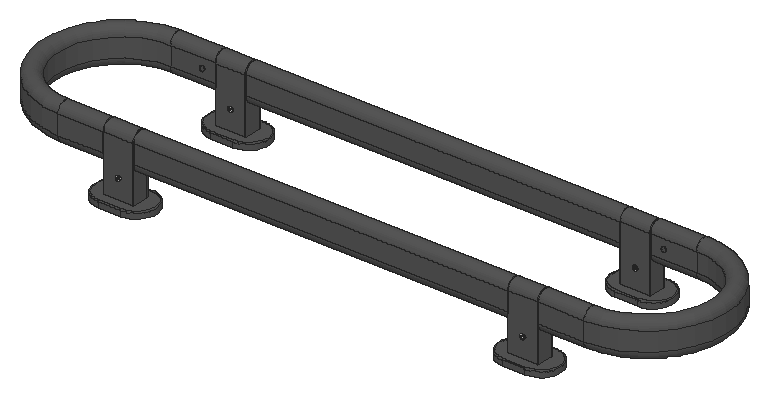
Revit family "Accessory-Grab_Bar-KOHLER-K-33463T", category Specialty Equipment, host Face, Revit 2021
Family settings
  Host = Face
  Round Connector Dimension = Use Diameter
  Part Type = Normal
  OmniClass Number = 23.31.15.17.21
  OmniClass Title = Bathtub Grab Bars
  Cut with Voids When Loaded = No
  Shared = No
  Room Calculation Point = No
Parameters (values of type "BL-Matte Black")
  Width = 20.75197"  # constant formula
  WaterSense Certified = 1 = 0  # no
  URL = "http://www.kohler.com.cn/"
  Type = 1
  Product Page URL = ""
  Product Name = ""
  Product Documentation Link = ""
  Model = if(Type = 1, "K-33463T-BL", if(Type = 2, "K-33463T-CP", "NA"))  # "K-33463T-BL"
  Material = "Premium Metal Construction"  # constant formula
  Master Format 2014 Name = "Toilet, Bath, and Laundry Accessories"  # constant formula
  Master Format 2014 = "10 28 00"  # constant formula
  Manufacturer Address = "Kohler Beijing Office (100016) 36-2-03-B, No. 88, Liuxiang Road, Beijing"  # constant formula
  Manufacturer = "Kohler Co."  # constant formula
  Length = 3.13386"  # constant formula
  Height = 8.00394"  # constant formula
  Finish = Kohler-Metal-BL-Matte_Black
  Environmental Product Declaration = ""
  Description = "Loop Connector For Grab Bar"  # constant formula
  Default Elevation = 42"
  Declare Label = ""
  Date Modified = "02/28/2024"  # constant formula
  Date Created = "02/28/2024"  # constant formula
  Copyright = "Copyright Kohler Co."  # constant formula
  Contact Us = "http://www.kohler.com.cn/contact/contact-us/"
  Assembly Code = "C1030200"
  ADA Compliant = 1 = 0  # no
Types (3): name | Type | Model | Finish
  (no name) | 1 | "K-33463T-BL" | Kohler-Metal-BL-Matte_Black
  BL-Matte Black | 1 | "K-33463T-BL" | Kohler-Metal-BL-Matte_Black
  CP-Polished Chrome | 2 | "K-33463T-CP" | Kohler-Metal-CP-Polished_Chrome
Reference planes (in)
  plane 1 "Center (Front/Back)": y = 0
  plane 2: z = 0
  plane 3 "Center (Left/Right)": x = 0
  plane 4: z = 3.13386
  plane 5: x = 15.19488
  plane 6: x = -15.19488
  plane 7: x = 9
  plane 8: x = -9
  plane 9: z = 1.5
  plane 10: x = 7.62402
  plane 11: x = 10.37598
  plane 12: x = -10.37598
  plane 13: x = -7.62402
  plane 14: y = -4.00197
  plane 15: y = -2.25
  plane 16: y = -2.73228
  plane 17: y = -3.51969
  plane 18: y = -3.12598
  plane 19: y = 2.25
  plane 20: y = 2.73228
  plane 21: y = 3.12598
  plane 22: y = 3.51969
  plane 23: y = 4.00197
Dimensions and locks (in)
  "Height": plane 23 to plane 14
  plane 20 to plane 16 = 5.46457"
  plane 22 to plane 17 = 7.03937"
  plane 22 to plane 20 = 0.7874"
  plane 23 to plane 19 = 1.75197"
  plane 6 to plane 5 = 30.38976"
  plane 4 to plane 9 = 1.63386"
  plane 12 to plane 13 = 2.75197"
  plane 8 to plane 7 = 18"
  plane 9 to level = 1 1/2"
  plane 4 to level = 3.13386"
  "Width": plane 12 to plane 11
  "Length": plane 4 to level
  aligned and locked: plane 2 to host face
  aligned and locked: level to host face
  aligned and locked: plane 1 "Center (Front/Back)" to nested 1
  aligned and locked: plane 3 "Center (Left/Right)" to nested 1
Automatic sketch dimensions
  host sketch curve to host sketch curve = 96"  (x2)
Nested families (in)
  nested 1: "K-33463T" at (0, 0, 0), type "K-33463T"
Definition of nested family "K-33463T"
  Parameters
    Material = none
    Default Elevation = 0"
  Reference planes (in)
    plane 1 "Center (Front/Back)": y = 0
    plane 2: z = 0
    plane 3 "Center (Left/Right)": x = 0
    plane 4: x = 9
    plane 5: x = -9
    plane 6: x = -15.19488
    plane 7: x = 15.19488
    plane 8: y = 2.73228
    plane 9: y = -2.73228
    plane 10: y = 3.51969
    plane 11: y = -3.51969
    plane 12: y = 3.12598
    plane 13: y = -3.12598
    plane 14: y = 4.00197
    plane 15: y = 2.25
    plane 16: y = -4.00197
    plane 17: y = -2.25
    plane 18: z = 3.13386
    plane 19: z = 1.5
    plane 20: x = -10.37598
    plane 21: x = -7.62402
    plane 22: x = 10.37598
    plane 23: x = 7.62402
  Forms (in)
    Sweep 1, solid, material <- "Material", detail levels medium+fine
      path origin (-0.36294, -0.09843, 0) x (1, 0, 0) y (0, 1, 0)
        loop
          arc (-11.3156, 3.64858) -> (-14.85891, 0.10527) -> (-11.3156, -3.43803) r 3.54331
          line (-11.3156, -3.43803) -> (12.08599, -3.43803)
          arc (12.08599, -3.43803) -> (15.6293, 0.10527) -> (12.08599, 3.64858) r 3.54331
          line (12.08599, 3.64858) -> (-11.3156, 3.64858)
      profile origin (0.02225, 3.55016, 0) x (0, 1, 0) y (0, 0, 1)
        loop
          arc (-0.02451, 2.73995) -> (-0.41822, 3.13365) -> (-0.81191, 2.73994) r 0.3937
          line (-0.81191, 2.73994) -> (-0.8119, 1.8954)
          arc (-0.8119, 1.8954) -> (-0.4182, 1.5017) -> (-0.0245, 1.89541) r 0.3937
          line (-0.0245, 1.89541) -> (-0.02451, 2.73995)
    Extrusion 2, void
      sketch origin (0, 0, 0) x (1, 0, 0) y (0, 0, 1)
        loop
          line (-9.67152, 3.32645) -> (-9.67152, 1.36691) -> (-8.32848, 1.36691) -> (-8.32848, 3.32645) -> (-9.67152, 3.32645)
        loop
          line (9.67152, 3.32645) -> (8.32848, 3.32645) -> (8.32848, 1.36691) -> (9.67152, 1.36691) -> (9.67152, 3.32645)
      from -4.10118 to 3.63666
    Sweep 3, solid, material <- "Material", detail levels medium+fine
      path origin (0, 0, 0) x (0, 1, 0) y (0, 0, 1)
        loop
          line (-2.72455, 0.21895) -> (-2.72455, 2.74045)
          arc (-2.72455, 2.74045) -> (-3.11825, 3.13415) -> (-3.51195, 2.74045) r 0.3937
          line (-3.51195, 2.74045) -> (-3.51195, 0.21895)
      profile origin (0, -2.72455, 1.4797) x (0, -1, 0) y (1, 0, 0)
        loop
          line (0, -8.34816) -> (0, -9.65184)
          arc (0, -9.65184) -> (0.00577, -9.66576) -> (0.01969, -9.67152) r 0.01969
          line (0.01969, -9.67152) -> (0.15478, -9.67152) -> (0.15478, -8.32848) -> (0.01969, -8.32848)
          arc (0.01969, -8.32848) -> (0.00577, -8.33424) -> (0, -8.34816) r 0.01969
    Sweep 4, solid, material <- "Material", detail levels medium+fine
      path origin (0, 0, 0) x (0, 1, 0) y (0, 0, -1)
        loop
          line (-2.72455, -0.21895) -> (-2.72455, -2.74045)
          arc (-2.72455, -2.74045) -> (-3.11825, -3.13415) -> (-3.51195, -2.74045) r 0.3937
          line (-3.51195, -2.74045) -> (-3.51195, -0.21895)
      profile origin (0, -2.72455, 1.4797) x (0, 1, 0) y (-1, 0, 0)
        loop
          arc (0, -8.34816) -> (-0.00577, -8.33424) -> (-0.01969, -8.32848) r 0.01969
          line (-0.01969, -8.32848) -> (-0.17939, -8.32848) -> (-0.17939, -9.67152) -> (-0.01969, -9.67152)
          arc (-0.01969, -9.67152) -> (-0.00577, -9.66576) -> (0, -9.65184) r 0.01969
          line (0, -9.65184) -> (0, -8.34816)
    Sweep 5, solid, material <- "Material", detail levels medium+fine
      path origin (0, 0, 0) x (1, 0, 0) y (0, 1, 0)
        loop
          arc (8.49508, 4.00197) -> (7.6191, 3.12598) -> (8.49508, 2.25) r 0.87598
          line (8.49508, 2.25) -> (9.49484, 2.25)
          arc (9.49484, 2.25) -> (10.37082, 3.12598) -> (9.49484, 4.00197) r 0.87598
          line (9.49484, 4.00197) -> (8.49508, 4.00197)
      profile origin (8.99496, 4.00197, 0) x (0, 1, 0) y (0, 0, 1)
        loop
          line (0, 0) -> (0, 0.23513)
          arc (0, 0.23513) -> (-0.01153, 0.26297) -> (-0.03937, 0.2745) r 0.03937
          line (-0.03937, 0.2745) -> (-0.07237, 0.2745) -> (-0.07237, 0) -> (0, 0)
    Sweep 6, solid, material <- "Material", detail levels medium+fine
      path origin (0, 0, 0) x (1, 0, 0) y (0, 1, 0)
        loop
          line (8.49508, -4.00197) -> (9.49484, -4.00197)
          arc (9.49484, -4.00197) -> (10.37082, -3.12598) -> (9.49484, -2.25) r 0.87598
          line (9.49484, -2.25) -> (8.49508, -2.25)
          arc (8.49508, -2.25) -> (7.6191, -3.12598) -> (8.49508, -4.00197) r 0.87598
      profile origin (8.99496, -4.00197, 0) x (0, 1, 0) y (0, 0, 1)
        loop
          line (0, 0) -> (0.07237, 0) -> (0.07237, 0.2745) -> (0.03937, 0.2745)
          arc (0.03937, 0.2745) -> (0.01153, 0.26297) -> (0, 0.23513) r 0.03937
          line (0, 0.23513) -> (0, 0)
    Sweep 7, solid, material <- "Material", detail levels medium+fine
      path origin (0, 0, 0) x (-1, 0, 0) y (0, -1, 0)
        loop
          line (8.49508, -4.00197) -> (9.49484, -4.00197)
          arc (9.49484, -4.00197) -> (10.37082, -3.12598) -> (9.49484, -2.25) r 0.87598
          line (9.49484, -2.25) -> (8.49508, -2.25)
          arc (8.49508, -2.25) -> (7.6191, -3.12598) -> (8.49508, -4.00197) r 0.87598
      profile origin (-8.99496, 4.00197, 0) x (0, -1, 0) y (0, 0, 1)
        loop
          line (0, 0) -> (0.07237, 0) -> (0.07237, 0.2745) -> (0.03937, 0.2745)
          arc (0.03937, 0.2745) -> (0.01153, 0.26297) -> (0, 0.23513) r 0.03937
          line (0, 0.23513) -> (0, 0)
    Sweep 8, solid, material <- "Material", detail levels medium+fine
      path origin (0, 0, 0) x (-1, 0, 0) y (0, -1, 0)
        loop
          arc (8.49508, 4.00197) -> (7.6191, 3.12598) -> (8.49508, 2.25) r 0.87598
          line (8.49508, 2.25) -> (9.49484, 2.25)
          arc (9.49484, 2.25) -> (10.37082, 3.12598) -> (9.49484, 4.00197) r 0.87598
          line (9.49484, 4.00197) -> (8.49508, 4.00197)
      profile origin (-8.99496, -4.00197, 0) x (0, -1, 0) y (0, 0, 1)
        loop
          line (0, 0) -> (0, 0.23513)
          arc (0, 0.23513) -> (-0.01153, 0.26297) -> (-0.03937, 0.2745) r 0.03937
          line (-0.03937, 0.2745) -> (-0.07237, 0.2745) -> (-0.07237, 0) -> (0, 0)
    Extrusion 9, solid, material <- "Material", detail levels medium+fine
      sketch origin (0, 0, 0) x (1, 0, 0) y (0, 1, 0)
        loop
          arc (-9.49484, -2.32237) -> (-10.29845, -3.12598) -> (-9.49484, -3.9296) r 0.80362
          line (-9.49484, -3.9296) -> (-8.49508, -3.9296)
          arc (-8.49508, -3.9296) -> (-7.69146, -3.12598) -> (-8.49508, -2.32237) r 0.80362
          line (-8.49508, -2.32237) -> (-9.49484, -2.32237)
        loop
          arc (-9.49484, 3.9296) -> (-10.29845, 3.12598) -> (-9.49484, 2.32237) r 0.80362
          line (-9.49484, 2.32237) -> (-8.49508, 2.32237)
          arc (-8.49508, 2.32237) -> (-7.69146, 3.12598) -> (-8.49508, 3.9296) r 0.80362
          line (-8.49508, 3.9296) -> (-9.49484, 3.9296)
        loop
          arc (8.49508, -2.32237) -> (7.69146, -3.12598) -> (8.49508, -3.9296) r 0.80362
          line (8.49508, -3.9296) -> (9.49484, -3.9296)
          arc (9.49484, -3.9296) -> (10.29845, -3.12598) -> (9.49484, -2.32237) r 0.80362
          line (9.49484, -2.32237) -> (8.49508, -2.32237)
        loop
          arc (8.49508, 3.9296) -> (7.69146, 3.12598) -> (8.49508, 2.32237) r 0.80362
          line (8.49508, 2.32237) -> (9.49484, 2.32237)
          arc (9.49484, 2.32237) -> (10.29845, 3.12598) -> (9.49484, 3.9296) r 0.80362
          line (9.49484, 3.9296) -> (8.49508, 3.9296)
      from 0 to 0.2745
    Extrusion 10, void
      sketch origin (0, 0, 0) x (1, 0, 0) y (0, 0, 1)
        loop
          circle (-10.27067, 2.31695) r 0.11403
      from -2.97655 to -2.48567
    Extrusion 11, void
      sketch origin (0, 0, 0) x (1, 0, 0) y (0, 0, 1)
        loop
          circle (-10.27067, 2.31695) r 0.11403
      from 2.38813 to 3.12968
    Extrusion 12, void
      sketch origin (0, 0, 0) x (-1, 0, 0) y (0, 0, -1)
        loop
          circle (-10.27067, -2.31695) r 0.11403
      from -2.97655 to -2.48567
    Extrusion 13, void
      sketch origin (0, 0, 0) x (-1, 0, 0) y (0, 0, -1)
        loop
          circle (-10.27067, -2.31695) r 0.11403
      from 2.44841 to 3.1263
    Extrusion 14, solid, material <- "Material", detail levels medium+fine
      sketch origin (0, 0, 0) x (1, 0, 0) y (0, 0, 1)
        loop
          circle (10.27067, 2.31695) r 0.1063
      from -2.97655 to -2.73825
    Extrusion 15, solid, material <- "Material", detail levels medium+fine
      sketch origin (0, 0, 0) x (1, 0, 0) y (0, 0, -1)
        loop
          circle (10.27067, -2.31695) r 0.1063
      from -3.1263 to -2.72455
    Extrusion 16, solid, material <- "Material", detail levels medium+fine
      sketch origin (0, 0, 0) x (-1, 0, 0) y (0, 0, -1)
        loop
          circle (10.27067, -2.31695) r 0.1063
      from -2.97655 to -2.73825
    Extrusion 17, solid, material <- "Material", detail levels medium+fine
      sketch origin (0, 0, 0) x (-1, 0, 0) y (0, 0, 1)
        loop
          circle (10.27067, 2.31695) r 0.1063
      from -3.12968 to -2.72455
    Extrusion 18, solid, detail levels medium+fine
      sketch origin (0, 0, 0) x (1, 0, 0) y (0, 0, 1)
        loop
          circle (-9, 1.13912) r 0.10596
        loop
          line (-9, 1.19949) -> (-9.05228, 1.16931) -> (-9.05228, 1.10894) -> (-9, 1.07876) -> (-8.94772, 1.10894) -> (-8.94772, 1.16931) -> (-9, 1.19949)
      from 3.35053 to 3.54164
    Extrusion 19, void
      sketch origin (0, 0, 0) x (1, 0, 0) y (0, 0, 1)
        loop
          circle (-9, 1.13912) r 0.10596
      from 3.35053 to 3.70089
    Extrusion 20, void
      sketch origin (0, 0, 0) x (1, 0, 0) y (0, 0, 1)
        loop
          circle (-9, 1.13912) r 0.10596
      from -3.03907 to -2.55986
    Extrusion 21, solid, detail levels medium+fine
      sketch origin (0, 0, 0) x (1, 0, 0) y (0, 0, 1)
        loop
          circle (-9, 1.13912) r 0.10596
        loop
          line (-9, 1.19949) -> (-9.05228, 1.16931) -> (-9.05228, 1.10894) -> (-9, 1.07876) -> (-8.94772, 1.10894) -> (-8.94772, 1.16931) -> (-9, 1.19949)
      from -2.7946 to -2.71
    Extrusion 22, solid, detail levels medium+fine
      sketch origin (0, 0, 0) x (-1, 0, 0) y (0, 0, -1)
        loop
          circle (-9, -1.13912) r 0.10596
        loop
          line (-9, -1.19949) -> (-8.94772, -1.16931) -> (-8.94772, -1.10894) -> (-9, -1.07876) -> (-9.05228, -1.10894) -> (-9.05228, -1.16931) -> (-9, -1.19949)
      from 3.35053 to 3.54164
    Extrusion 23, solid, detail levels medium+fine
      sketch origin (0, 0, 0) x (-1, 0, 0) y (0, 0, -1)
        loop
          circle (-9, -1.13912) r 0.10596
        loop
          line (-9, -1.19949) -> (-8.94772, -1.16931) -> (-8.94772, -1.10894) -> (-9, -1.07876) -> (-9.05228, -1.10894) -> (-9.05228, -1.16931) -> (-9, -1.19949)
      from -2.7946 to -2.71
    Extrusion 24, void
      sketch origin (0, 0, 0) x (-1, 0, 0) y (0, 0, -1)
        loop
          circle (-9, -1.13912) r 0.10596
      from 3.35053 to 3.70089
    Extrusion 25, void
      sketch origin (0, 0, 0) x (-1, 0, 0) y (0, 0, -1)
        loop
          circle (-9, -1.13912) r 0.10596
      from -2.7946 to -2.55986
    Extrusion 26, solid, material <- "Material", detail levels medium+fine
      sketch origin (0, 0, 0) x (0, 1, 0) y (0, 0, 1)
        loop
          line (-2.87933, 0.21895) -> (-2.87933, 2.74045)
          arc (-2.87933, 2.74045) -> (-3.11825, 2.97937) -> (-3.35717, 2.74045) r 0.23892
          line (-3.35717, 2.74045) -> (-3.35717, 0.21895) -> (-2.87933, 0.21895)
      from -9.67152 to -8.32848
    Extrusion 27, solid, material <- "Material", detail levels medium+fine
      sketch origin (0, 0, 0) x (0, 1, 0) y (0, 0, 1)
        loop
          line (-2.90393, 0.21895) -> (-2.90393, 2.74045)
          arc (-2.90393, 2.74045) -> (-3.11825, 2.95476) -> (-3.33256, 2.74045) r 0.21431
          line (-3.33256, 2.74045) -> (-3.33256, 0.21895) -> (-2.90393, 0.21895)
      from 8.32848 to 9.67152
    Sweep 28, solid, material <- "Material", detail levels medium+fine
      path origin (0, 0, 0) x (0, -1, 0) y (0, 0, -1)
        loop
          line (-2.72455, -0.21895) -> (-2.72455, -2.74045)
          arc (-2.72455, -2.74045) -> (-3.11825, -3.13415) -> (-3.51195, -2.74045) r 0.3937
          line (-3.51195, -2.74045) -> (-3.51195, -0.21895)
      profile origin (0, 2.72455, 1.4797) x (0, -1, 0) y (1, 0, 0)
        loop
          arc (0, -8.34816) -> (-0.00577, -8.33424) -> (-0.01969, -8.32848) r 0.01969
          line (-0.01969, -8.32848) -> (-0.15478, -8.32848) -> (-0.15478, -9.67152) -> (-0.01969, -9.67152)
          arc (-0.01969, -9.67152) -> (-0.00577, -9.66576) -> (0, -9.65184) r 0.01969
          line (0, -9.65184) -> (0, -8.34816)
    Sweep 29, solid, material <- "Material", detail levels medium+fine
      path origin (0, 0, 0) x (0, -1, 0) y (0, 0, 1)
        loop
          line (-2.72455, 0.21895) -> (-2.72455, 2.74045)
          arc (-2.72455, 2.74045) -> (-3.11825, 3.13415) -> (-3.51195, 2.74045) r 0.3937
          line (-3.51195, 2.74045) -> (-3.51195, 0.21895)
      profile origin (0, 2.72455, 1.4797) x (0, 1, 0) y (-1, 0, 0)
        loop
          line (0, -8.34816) -> (0, -9.65184)
          arc (0, -9.65184) -> (0.00577, -9.66576) -> (0.01969, -9.67152) r 0.01969
          line (0.01969, -9.67152) -> (0.17939, -9.67152) -> (0.17939, -8.32848) -> (0.01969, -8.32848)
          arc (0.01969, -8.32848) -> (0.00577, -8.33424) -> (0, -8.34816) r 0.01969
    Extrusion 30, solid, material <- "Material", detail levels medium+fine
      sketch origin (0, 0, 0) x (0, 1, 0) y (0, 0, 1)
        loop
          arc (3.33256, 2.74045) -> (3.11825, 2.95476) -> (2.90393, 2.74045) r 0.21431
          line (2.90393, 2.74045) -> (2.90393, 0.21895) -> (3.33256, 0.21895) -> (3.33256, 2.74045)
      from 8.32848 to 9.67152
    Extrusion 31, solid, material <- "Material", detail levels medium+fine
      sketch origin (0, 0, 0) x (0, 1, 0) y (0, 0, 1)
        loop
          line (2.87933, 2.74045) -> (2.87933, 0.21895) -> (3.35717, 0.21895) -> (3.35717, 2.74045)
          arc (3.35717, 2.74045) -> (3.11825, 2.97937) -> (2.87933, 2.74045) r 0.23892
      from -9.67152 to -8.32848
    Sweep 32, solid, material <- "Material", detail levels coarse
      path origin (0, 0, 0) x (1, 0, 0) y (0, 1, 0)
        loop
          arc (-11.68624, 3.54977) -> (-15.22954, 0.00646) -> (-11.68624, -3.53685) r 3.54331
          line (-11.68624, -3.53685) -> (11.7059, -3.53685)
          arc (11.7059, -3.53685) -> (15.24921, 0.00646) -> (11.7059, 3.54977) r 3.54331
          line (11.7059, 3.54977) -> (-11.68624, 3.54977)
      profile origin (0.00983, 3.54977, 0) x (0, 1, 0) y (0, 0, 1)
        loop
          line (-0.02823, 1.53795) -> (-0.02825, 3.09307) -> (-0.77626, 3.09307) -> (-0.77624, 1.53795) -> (-0.02823, 1.53795)
    Extrusion 33, solid, material <- "Material", detail levels coarse
      sketch origin (0, 0, 0) x (1, 0, 0) y (0, 1, 0)
        loop
          line (-9.49829, -3.99544) -> (-8.49302, -3.99544)
          arc (-8.49302, -3.99544) -> (-7.61837, -3.1208) -> (-8.49302, -2.24615) r 0.87465
          line (-8.49302, -2.24615) -> (-9.49829, -2.24615)
          arc (-9.49829, -2.24615) -> (-10.37293, -3.1208) -> (-9.49829, -3.99544) r 0.87465
        loop
          arc (-9.49829, 3.99544) -> (-10.37293, 3.1208) -> (-9.49829, 2.24615) r 0.87465
          line (-9.49829, 2.24615) -> (-8.49302, 2.24615)
          arc (-8.49302, 2.24615) -> (-7.61837, 3.1208) -> (-8.49302, 3.99544) r 0.87465
          line (-8.49302, 3.99544) -> (-9.49829, 3.99544)
        loop
          arc (9.49829, -3.99544) -> (10.37293, -3.1208) -> (9.49829, -2.24615) r 0.87465
          line (9.49829, -2.24615) -> (8.49302, -2.24615)
          arc (8.49302, -2.24615) -> (7.61837, -3.1208) -> (8.49302, -3.99544) r 0.87465
          line (8.49302, -3.99544) -> (9.49829, -3.99544)
        loop
          line (9.49829, 3.99544) -> (8.49302, 3.99544)
          arc (8.49302, 3.99544) -> (7.61837, 3.1208) -> (8.49302, 2.24615) r 0.87465
          line (8.49302, 2.24615) -> (9.49829, 2.24615)
          arc (9.49829, 2.24615) -> (10.37293, 3.1208) -> (9.49829, 3.99544) r 0.87465
      from 0 to 0.27309
    Extrusion 34, solid, material <- "Material", detail levels coarse
      sketch origin (0, 0, 0) x (0, 1, 0) y (0, 0, 1)
        loop
          line (-2.76061, 0.1664) -> (-2.76061, 1.70634) -> (-3.50862, 1.70634) -> (-3.50862, 0.1664) -> (-2.76061, 0.1664)
      from -9.6711 to -8.32288
    Extrusion 35, solid, material <- "Material", detail levels coarse
      sketch origin (0, 0, 0) x (0, -1, 0) y (0, 0, -1)
        loop
          line (-2.77353, -0.1664) -> (-3.52154, -0.1664) -> (-3.52154, -1.70634) -> (-2.77353, -1.70634) -> (-2.77353, -0.1664)
      from -9.6711 to -8.32288
    Extrusion 36, solid, material <- "Material", detail levels coarse
      sketch origin (0, 0, 0) x (0, 1, 0) y (0, 0, -1)
        loop
          line (-2.76061, -0.1664) -> (-3.50862, -0.1664) -> (-3.50862, -1.70634) -> (-2.76061, -1.70634) -> (-2.76061, -0.1664)
      from -9.6711 to -8.32288
    Extrusion 37, solid, material <- "Material", detail levels coarse
      sketch origin (0, 0, 0) x (0, -1, 0) y (0, 0, 1)
        loop
          line (-2.77353, 0.1664) -> (-2.77353, 1.70634) -> (-3.52154, 1.70634) -> (-3.52154, 0.1664) -> (-2.77353, 0.1664)
      from -9.6711 to -8.32288
  Cuts and joins
    Extrusion 2, Extrusion 10, Extrusion 11, Extrusion 12, Extrusion 13 cuts Sweep 1
    Extrusion 19, Extrusion 24 cuts Sweep 3
    joined: Sweep 3, Extrusion 26
    Extrusion 24 cuts Extrusion 18
    Extrusion 25 cuts Extrusion 21
    Extrusion 24 cuts Sweep 4
    joined: Sweep 4, Extrusion 27
    joined: Sweep 5, Sweep 6, Sweep 7, Sweep 8, Extrusion 9
    Extrusion 20 cuts Sweep 28
    joined: Sweep 28, Extrusion 31
    Extrusion 25 cuts Sweep 29
    joined: Sweep 29, Extrusion 30
    joined: Sweep 32, Extrusion 33, Extrusion 34, Extrusion 35, Extrusion 36
  Lines and regions (in)
    Masking region 1
      outline origin (0, 0, 0) x (1, 0, 0) y (0, 1, 0)
        loop
          arc (-9.50482, 2.25) -> (-9.96481, 2.38024) -> (-10.28824, 2.73228) r 0.87744
          line (-10.28824, 2.73228) -> (-11.67544, 2.73228)
          arc (-11.67544, 2.73228) -> (-14.40772, 0) -> (-11.67544, -2.73228) r 2.73228
          line (-11.67544, -2.73228) -> (-10.28824, -2.73228)
          arc (-10.28824, -2.73228) -> (-9.96481, -2.38024) -> (-9.50482, -2.25) r 0.87744
          line (-9.50482, -2.25) -> (-8.50681, -2.25)
          arc (-8.50681, -2.25) -> (-8.04798, -2.38029) -> (-7.72609, -2.73228) r 0.87305
          line (-7.72609, -2.73228) -> (7.72609, -2.73228)
          arc (7.72609, -2.73228) -> (8.04798, -2.38029) -> (8.50681, -2.25) r 0.87305
          line (8.50681, -2.25) -> (9.50482, -2.25)
          arc (9.50482, -2.25) -> (9.96481, -2.38024) -> (10.28824, -2.73228) r 0.87744
          line (10.28824, -2.73228) -> (11.67544, -2.73228)
          arc (11.67544, -2.73228) -> (14.40772, 0) -> (11.67544, 2.73228) r 2.73228
          line (11.67544, 2.73228) -> (10.28824, 2.73228)
          arc (10.28824, 2.73228) -> (9.96481, 2.38024) -> (9.50482, 2.25) r 0.87744
          line (9.50482, 2.25) -> (8.50681, 2.25)
          arc (8.50681, 2.25) -> (8.04798, 2.38029) -> (7.72609, 2.73228) r 0.87305
          line (7.72609, 2.73228) -> (-1.3248, 2.73228) -> (-7.72609, 2.73228)
          arc (-7.72609, 2.73228) -> (-8.04798, 2.38029) -> (-8.50681, 2.25) r 0.87305
          line (-8.50681, 2.25) -> (-9.50482, 2.25)
        loop
          arc (-9.50482, 4.00197) -> (-9.96481, 3.87173) -> (-10.28824, 3.51969) r 0.87744
          line (-10.28824, 3.51969) -> (-11.6541, 3.51969)
          arc (-11.6541, 3.51969) -> (-13.74998, 2.82763) -> (-15.02165, 1.0236) r 3.51969
          arc (-15.02165, 1.0236) -> (-15.14092, 0.51733) -> (-15.19488, 0) r 4.08424
          arc (-15.19488, 0) -> (-15.14037, -0.52105) -> (-15.01945, -1.03081) r 4.07493
          arc (-15.01945, -1.03081) -> (-13.74695, -2.82987) -> (-11.6541, -3.51969) r 3.51969
          line (-11.6541, -3.51969) -> (-10.28824, -3.51969)
          arc (-10.28824, -3.51969) -> (-9.96481, -3.87173) -> (-9.50482, -4.00197) r 0.87744
          line (-9.50482, -4.00197) -> (-8.50681, -4.00197)
          arc (-8.50681, -4.00197) -> (-8.04798, -3.87168) -> (-7.72609, -3.51969) r 0.87305
          line (-7.72609, -3.51969) -> (7.72609, -3.51969)
          arc (7.72609, -3.51969) -> (8.04798, -3.87168) -> (8.50681, -4.00197) r 0.87305
          line (8.50681, -4.00197) -> (9.50482, -4.00197)
          arc (9.50482, -4.00197) -> (9.96481, -3.87173) -> (10.28824, -3.51969) r 0.87744
          line (10.28824, -3.51969) -> (11.6541, -3.51969)
          arc (11.6541, -3.51969) -> (13.82183, -2.77293) -> (15.06972, -0.84953) r 3.51969
          arc (15.06972, -0.84953) -> (15.15302, -0.42782) -> (15.19488, 0) r 4.41086
          arc (15.19488, 0) -> (15.15659, 0.39758) -> (15.0839, 0.79032) r 4.59429
          arc (15.0839, 0.79032) -> (13.84573, 2.75408) -> (11.6541, 3.51969) r 3.51969
          line (11.6541, 3.51969) -> (10.28824, 3.51969)
          arc (10.28824, 3.51969) -> (9.96481, 3.87173) -> (9.50482, 4.00197) r 0.87744
          line (9.50482, 4.00197) -> (8.50681, 4.00197)
          arc (8.50681, 4.00197) -> (8.04798, 3.87168) -> (7.72609, 3.51969) r 0.87305
          line (7.72609, 3.51969) -> (-0.73425, 3.51969) -> (-7.72609, 3.51969)
          arc (-7.72609, 3.51969) -> (-8.04798, 3.87168) -> (-8.50681, 4.00197) r 0.87305
          line (-8.50681, 4.00197) -> (-9.50482, 4.00197)
    Masking region 2
      outline origin (0, 0, 0) x (1, 0, 0) y (0, 0, 1)
        loop
          arc (-14.80118, 3.13386) -> (-15.07957, 3.01855) -> (-15.19488, 2.74016) r 0.3937
          line (-15.19488, 2.74016) -> (-15.19488, 1.8937)
          arc (-15.19488, 1.8937) -> (-15.07957, 1.61531) -> (-14.80118, 1.5) r 0.3937
          line (-14.80118, 1.5) -> (-9.68307, 1.5) -> (-9.68307, 0.27632) -> (-10.31693, 0.27632)
          arc (-10.31693, 0.27632) -> (-10.35869, 0.25902) -> (-10.37598, 0.21726) r 0.05906
          line (-10.37598, 0.21726) -> (-10.37598, 0) -> (-9, 0) -> (-7.62402, 0) -> (-7.62402, 0.21726)
          arc (-7.62402, 0.21726) -> (-7.64131, 0.25902) -> (-7.68307, 0.27632) r 0.05906
          line (-7.68307, 0.27632) -> (-8.31693, 0.27632) -> (-8.31693, 1.5) -> (0, 1.5) -> (8.31693, 1.5) -> (8.31693, 0.27632) -> (7.68307, 0.27632)
          arc (7.68307, 0.27632) -> (7.64131, 0.25902) -> (7.62402, 0.21726) r 0.05906
          line (7.62402, 0.21726) -> (7.62402, 0) -> (9, 0) -> (10.37598, 0) -> (10.37598, 0.21726)
          arc (10.37598, 0.21726) -> (10.35869, 0.25902) -> (10.31693, 0.27632) r 0.05906
          line (10.31693, 0.27632) -> (9.68307, 0.27632) -> (9.68307, 1.5) -> (14.80118, 1.5)
          arc (14.80118, 1.5) -> (15.07957, 1.61531) -> (15.19488, 1.8937) r 0.3937
          line (15.19488, 1.8937) -> (15.19488, 2.74016)
          arc (15.19488, 2.74016) -> (15.07957, 3.01855) -> (14.80118, 3.13386) r 0.3937
          line (14.80118, 3.13386) -> (0, 3.13386) -> (-14.80118, 3.13386)
    Masking region 3
      outline origin (0, 0, 0) x (0, 1, 0) y (0, 0, 1)
        loop
          line (3.12598, 3.13386) -> (0, 3.13386) -> (-3.12598, 3.13386)
          arc (-3.12598, 3.13386) -> (-3.40437, 3.01855) -> (-3.51969, 2.74016) r 0.3937
          line (-3.51969, 2.74016) -> (-3.51969, 1.24838) -> (-3.55142, 1.24838) -> (-3.55142, 1.03821) -> (-3.51969, 1.03821) -> (-3.51969, 0.27501) -> (-3.95276, 0.27501)
          arc (-3.95276, 0.27501) -> (-3.98755, 0.26059) -> (-4.00197, 0.2258) r 0.04921
          line (-4.00197, 0.2258) -> (-4.00197, 0) -> (-3.12598, 0) -> (-2.25, 0) -> (-2.25, 0.2258)
          arc (-2.25, 0.2258) -> (-2.26441, 0.26059) -> (-2.29921, 0.27501) r 0.04921
          line (-2.29921, 0.27501) -> (-2.73228, 0.27501) -> (-2.73228, 1.09575) -> (-2.73228, 1.5) -> (0, 1.5) -> (2.73228, 1.5) -> (2.73228, 1.24838) -> (2.70055, 1.24838) -> (2.70055, 1.03821) -> (2.73228, 1.03821) -> (2.73228, 0.27501) -> (2.29921, 0.27501)
          arc (2.29921, 0.27501) -> (2.26441, 0.26059) -> (2.25, 0.2258) r 0.04921
          line (2.25, 0.2258) -> (2.25, 0) -> (3.12598, 0) -> (4.00197, 0) -> (4.00197, 0.2258)
          arc (4.00197, 0.2258) -> (3.98755, 0.26059) -> (3.95276, 0.27501) r 0.04921
          line (3.95276, 0.27501) -> (3.51969, 0.27501) -> (3.51969, 2.74016)
          arc (3.51969, 2.74016) -> (3.40437, 3.01855) -> (3.12598, 3.13386) r 0.3937
    symbolic lines, detail levels medium+fine
      curve 1: line (-10.28824, 3.51969, 0) -> (-7.72609, 3.51969, 0)
      curve 2: line (-7.72609, 2.73228, 0) -> (-10.28824, 2.73228, 0)
      curve 3: arc (-10.24388, 3.51969, 0) -> (-9.93563, 3.84339, 0) -> (-9.50482, 3.9626, 0) r 0.83807
      curve 4: line (-9.50482, 3.9626, 0) -> (-8.50681, 3.9626, 0)
      curve 5: arc (-8.50681, 3.9626, 0) -> (-8.07713, 3.84334, 0) -> (-7.77038, 3.51969, 0) r 0.83368
      curve 6: arc (-8.50681, 2.28937, 0) -> (-8.07713, 2.40863, 0) -> (-7.77038, 2.73228, 0) r 0.83368
      curve 7: line (-9.50482, 2.28937, 0) -> (-8.50681, 2.28937, 0)
      curve 8: arc (-10.24388, 2.73228, 0) -> (-9.93563, 2.40858, 0) -> (-9.50482, 2.28937, 0) r 0.83807
      curve 9: line (-9.67982, 3.51969, 0) -> (-9.67982, 2.73228, 0)
      curve 10: line (-9.65926, 3.51969, 0) -> (-9.65926, 2.73228, 0)
      curve 11: line (-8.33012, 3.51969, 0) -> (-8.33012, 2.73228, 0)
      curve 12: line (-8.35033, 3.51969, 0) -> (-8.35033, 2.73228, 0)
      curve 13: line (-9.10396, 2.73228, 0) -> (-9.10396, 2.70101, 0)
      curve 14: line (-9.10396, 2.70101, 0) -> (-9, 2.70101, 0)
      curve 15: line (-8.89604, 2.73228, 0) -> (-8.89604, 2.70101, 0)
      curve 16: line (-8.89604, 2.70101, 0) -> (-9, 2.70101, 0)
      curve 17: line (-10.28824, -3.51969, 0) -> (-7.72609, -3.51969, 0)
      curve 18: line (-7.72609, -2.73228, 0) -> (-10.28824, -2.73228, 0)
      curve 19: arc (-10.24388, -3.51969, 0) -> (-9.93563, -3.84339, 0) -> (-9.50482, -3.9626, 0) r 0.83807
      curve 20: line (-9.50482, -3.9626, 0) -> (-8.50681, -3.9626, 0)
      curve 21: arc (-8.50681, -3.9626, 0) -> (-8.07713, -3.84334, 0) -> (-7.77038, -3.51969, 0) r 0.83368
      curve 22: arc (-8.50681, -2.28937, 0) -> (-8.07713, -2.40863, 0) -> (-7.77038, -2.73228, 0) r 0.83368
      curve 23: line (-9.50482, -2.28937, 0) -> (-8.50681, -2.28937, 0)
      curve 24: arc (-10.24388, -2.73228, 0) -> (-9.93563, -2.40858, 0) -> (-9.50482, -2.28937, 0) r 0.83807
      curve 25: line (-9.67982, -3.51969, 0) -> (-9.67982, -2.73228, 0)
      curve 26: line (-9.65926, -3.51969, 0) -> (-9.65926, -2.73228, 0)
      curve 27: line (-8.33012, -3.51969, 0) -> (-8.33012, -2.73228, 0)
      curve 28: line (-8.35033, -3.51969, 0) -> (-8.35033, -2.73228, 0)
      curve 29: line (-9.10396, -3.51969, 0) -> (-9.10396, -3.55096, 0)
      curve 30: line (-9.10396, -3.55096, 0) -> (-9, -3.55096, 0)
      curve 31: line (-8.89604, -3.51969, 0) -> (-8.89604, -3.55096, 0)
      curve 32: line (-8.89604, -3.55096, 0) -> (-9, -3.55096, 0)
      curve 33: line (10.28824, 3.51969, 0) -> (7.72609, 3.51969, 0)
      curve 34: line (7.72609, 2.73228, 0) -> (10.28824, 2.73228, 0)
      curve 35: arc (10.24388, 3.51969, 0) -> (9.93563, 3.84339, 0) -> (9.50482, 3.9626, 0) r 0.83807
      curve 36: line (9.50482, 3.9626, 0) -> (8.50681, 3.9626, 0)
      curve 37: arc (8.50681, 3.9626, 0) -> (8.07713, 3.84334, 0) -> (7.77038, 3.51969, 0) r 0.83368
      curve 38: arc (8.50681, 2.28937, 0) -> (8.07713, 2.40863, 0) -> (7.77038, 2.73228, 0) r 0.83368
      curve 39: line (9.50482, 2.28937, 0) -> (8.50681, 2.28937, 0)
      curve 40: arc (10.24388, 2.73228, 0) -> (9.93563, 2.40858, 0) -> (9.50482, 2.28937, 0) r 0.83807
      curve 41: line (9.67982, 3.51969, 0) -> (9.67982, 2.73228, 0)
      curve 42: line (9.65926, 3.51969, 0) -> (9.65926, 2.73228, 0)
      curve 43: line (8.33012, 3.51969, 0) -> (8.33012, 2.73228, 0)
      curve 44: line (8.35033, 3.51969, 0) -> (8.35033, 2.73228, 0)
      curve 45: line (9.10396, 2.73228, 0) -> (9.10396, 2.70101, 0)
      curve 46: line (9.10396, 2.70101, 0) -> (9, 2.70101, 0)
      curve 47: line (8.89604, 2.73228, 0) -> (8.89604, 2.70101, 0)
      curve 48: line (8.89604, 2.70101, 0) -> (9, 2.70101, 0)
      curve 49: line (10.28824, -3.51969, 0) -> (7.72609, -3.51969, 0)
      curve 50: line (7.72609, -2.73228, 0) -> (10.28824, -2.73228, 0)
      curve 51: arc (10.24388, -3.51969, 0) -> (9.93563, -3.84339, 0) -> (9.50482, -3.9626, 0) r 0.83807
      curve 52: line (9.50482, -3.9626, 0) -> (8.50681, -3.9626, 0)
      curve 53: arc (8.50681, -3.9626, 0) -> (8.07713, -3.84334, 0) -> (7.77038, -3.51969, 0) r 0.83368
      curve 54: arc (8.50681, -2.28937, 0) -> (8.07713, -2.40863, 0) -> (7.77038, -2.73228, 0) r 0.83368
      curve 55: line (9.50482, -2.28937, 0) -> (8.50681, -2.28937, 0)
      curve 56: arc (10.24388, -2.73228, 0) -> (9.93563, -2.40858, 0) -> (9.50482, -2.28937, 0) r 0.83807
      curve 57: line (9.67982, -3.51969, 0) -> (9.67982, -2.73228, 0)
      curve 58: line (9.65926, -3.51969, 0) -> (9.65926, -2.73228, 0)
      curve 59: line (8.33012, -3.51969, 0) -> (8.33012, -2.73228, 0)
      curve 60: line (8.35033, -3.51969, 0) -> (8.35033, -2.73228, 0)
      curve 61: line (9.10396, -3.51969, 0) -> (9.10396, -3.55096, 0)
      curve 62: line (9.10396, -3.55096, 0) -> (9, -3.55096, 0)
      curve 63: line (8.89604, -3.51969, 0) -> (8.89604, -3.55096, 0)
      curve 64: line (8.89604, -3.55096, 0) -> (9, -3.55096, 0)
      curve 65: line (-9.68307, 0, 1.5) -> (-9.68307, 0, 3.13386)
      curve 66: line (-15.19488, 0, 2.74016) -> (-9.68307, 0, 2.74016)
      curve 67: line (-15.19488, 0, 1.8937) -> (-9.68307, 0, 1.8937)
      curve 68: line (-9.68307, 0, 0.27632) -> (-8.31693, 0, 0.27632)
      curve 69: line (-10.37598, 0, 0.21726) -> (-7.62402, 0, 0.21726)
      curve 70: line (-8.31693, 0, 1.5) -> (-8.31693, 0, 3.13386)
      curve 71: line (-9.65354, 0, 1.5) -> (-9.65354, 0, 3.13386)
      curve 72: line (-9.65354, 0, 1.5) -> (-9.65354, 0, 0.27632)
      curve 73: line (-8.34646, 0, 1.5) -> (-8.34646, 0, 3.13386)
      curve 74: line (-8.34646, 0, 1.5) -> (-8.34646, 0, 0.27632)
      curve 75: line (-9.65354, 0, 2.74016) -> (-8.34646, 0, 2.74016)
      curve 76: line (-9.65354, 0, 1.8937) -> (-8.34646, 0, 1.8937)
      curve 77: line (-8.31693, 0, 2.74016) -> (0, 0, 2.74016)
      curve 78: line (-8.31693, 0, 1.8937) -> (0, 0, 1.8937)
      curve 79: line (9.68307, 0, 1.5) -> (9.68307, 0, 3.13386)
      curve 80: line (15.19488, 0, 2.74016) -> (9.68307, 0, 2.74016)
      curve 81: line (15.19488, 0, 1.8937) -> (9.68307, 0, 1.8937)
      curve 82: line (9.68307, 0, 0.27632) -> (8.31693, 0, 0.27632)
      curve 83: line (10.37598, 0, 0.21726) -> (7.62402, 0, 0.21726)
      curve 84: line (8.31693, 0, 1.5) -> (8.31693, 0, 3.13386)
      curve 85: line (9.65354, 0, 1.5) -> (9.65354, 0, 3.13386)
      curve 86: line (9.65354, 0, 1.5) -> (9.65354, 0, 0.27632)
      curve 87: line (8.34646, 0, 1.5) -> (8.34646, 0, 3.13386)
      curve 88: line (8.34646, 0, 1.5) -> (8.34646, 0, 0.27632)
      curve 89: line (9.65354, 0, 2.74016) -> (8.34646, 0, 2.74016)
      curve 90: line (9.65354, 0, 1.8937) -> (8.34646, 0, 1.8937)
      curve 91: line (8.31693, 0, 2.74016) -> (0, 0, 2.74016)
      curve 92: line (8.31693, 0, 1.8937) -> (0, 0, 1.8937)
      curve 93: line (0, 3.51969, 2.74016) -> (0, -3.51969, 2.74016)
      curve 94: line (0, 3.51969, 1.89374) -> (0, -3.51969, 1.89374)
      curve 95: line (0, -2.73228, 1.5) -> (0, -3.13173, 1.5)
      curve 96: arc (0, -3.13173, 1.5) -> (0, -3.35704, 1.57212) -> (0, -3.49858, 1.76166) r 0.38799
      curve 97: line (0, 2.73228, 1.5) -> (0, 3.12598, 1.5)
      curve 98: arc (0, 3.12598, 1.5) -> (0, 3.35273, 1.57185) -> (0, 3.49671, 1.76119) r 0.3937
      curve 99: line (0, 2.73228, 1.24838) -> (0, 2.73228, 1.03821)
      curve 100: line (0, -3.51969, 1.24838) -> (0, -3.51969, 1.03821)
      curve 101: line (0, -2.73228, 0.27501) -> (0, -3.51969, 0.27501)
      curve 102: line (0, -2.25, 0.2258) -> (0, -4.00197, 0.2258)
      curve 103: line (0, 3.51969, 0.27501) -> (0, 2.73228, 0.27501)
      curve 104: line (0, 4.00197, 0.2258) -> (0, 2.25, 0.2258)
      curve 105: line (0, 2.75009, 1.5) -> (0, 2.75009, 0.27501)
      curve 106: line (0, 3.49671, 1.76119) -> (0, 3.49671, 0.27501)
      curve 107: arc (0, 3.49671, 1.76119) -> (0, 3.5139, 1.82646) -> (0, 3.51969, 1.8937) r 0.3937
      curve 108: line (0, -2.75009, 1.5) -> (0, -2.75009, 0.27501)
      curve 109: line (0, -3.49671, 1.75636) -> (0, -3.49671, 0.27501)
      curve 110: arc (0, -3.49858, 1.76166) -> (0, -3.51487, 1.82678) -> (0, -3.51969, 1.89374) r 0.38799
  Dimensions and locks (in)
    aligned and locked: plane 2 to level
    aligned and locked: plane 14 to Sweep 5 sketch curve
    aligned and locked: plane 2 to Sweep 5 sketch curve
    aligned and locked: plane 7 to Masking region 1 sketch curve
    aligned and locked: plane 6 to Masking region 1 sketch curve
    aligned and locked: Masking region 1 sketch curve to plane 16
    aligned and locked: plane 16 to Masking region 1 sketch curve
    aligned and locked: Masking region 1 sketch curve to plane 14
    aligned and locked: plane 14 to Masking region 1 sketch curve
    aligned and locked: cut or joined group of Sweep 3, Extrusion 19, Extrusion 24, Extrusion 26 to Extrusion 26  (x2)
    aligned and locked: cut or joined group of Sweep 4, Extrusion 24, Extrusion 27 to Extrusion 27  (x2)
    aligned and locked: cut or joined group of Extrusion 25, Sweep 29, Extrusion 30 to Extrusion 30  (x2)
    aligned and locked: Masking region 2 sketch curve to plane 6
    aligned and locked: plane 2 to Masking region 2 sketch curve  (x2)
    aligned and locked: Masking region 2 sketch curve to plane 2  (x2)
    aligned and locked: plane 7 to Masking region 2 sketch curve
    aligned and locked: Masking region 2 sketch curve to plane 18
    aligned and locked: plane 18 to Masking region 2 sketch curve
    aligned and locked: Masking region 3 sketch curve to plane 10
    aligned and locked: Masking region 3 sketch curve to plane 11  (x2)
    aligned and locked: Masking region 3 sketch curve to plane 16
    aligned and locked: Masking region 3 sketch curve to plane 17
    aligned and locked: plane 18 to Masking region 3 sketch curve
    aligned and locked: Masking region 3 sketch curve to plane 18
